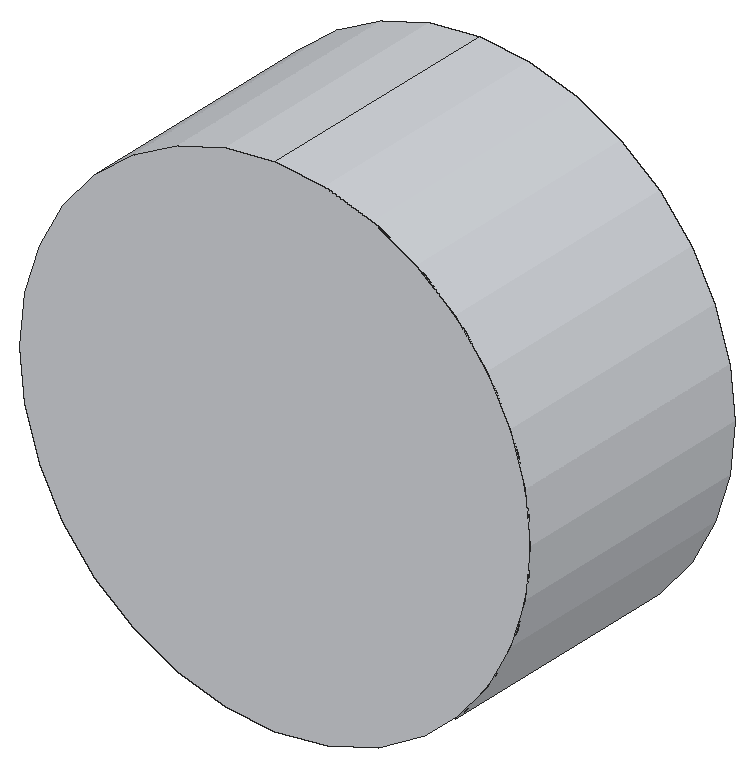
Revit family "UF-060-311_CE20IM54", category Equipement spécialisé, Revit 2021
Family settings
  Cote de connecteur circulaire = Utiliser le diamètre
  Type d'élément = Normal
  Numéro OmniClass = 23.85.50.31.11
  Titre OmniClass = Door Entry Telephones
  Basée sur le plan de construction = Non
  Toujours verticalement = Oui
  Couper avec des vides une fois chargée = Non
  Partagée = Non
  Point de calcul de pièce = Non
Parameters (values of type "CLAVIER CODE")
  URL = "https://www.urmet.fr/clavier+code+perce+ptt+vigik+ce20im54-7783"
  Modèle = "CE20IM54"
  Fabricant = "URMET"
  Elévation par défaut = 0 mm
  Description = "Clavier codé percé PTT/VIGIK"
Reference planes
  plane 1 "Centre (avant/arrière)": y = 0
  plane 2: z = 0
  plane 3 "Centre (gauche/droite)": x = 0
Forms (mm)
  Extrusion 1, solid
    sketch origin (0, 0, 0) x (0, 0, 1) y (1, 0, 0)
      loop
        circle (0, 0) r 3.048
    from 0 to -3.048
Dimensions and locks
  aligned and locked: level to plane 2
Connectors
  electrical at (0, 0, 0)
    settings: on Extrusion 1, index 1, voltage 0 V, apparent load 0 VA, apparent load phase1 0 VA, apparent load phase2 0 VA, apparent load phase3 0 VA, power factor 1, load classification "Autre", number of poles 1, system type 12, power factor state 1, is connector primary yes, connector utility no, sub classification motor no, connector description ""
